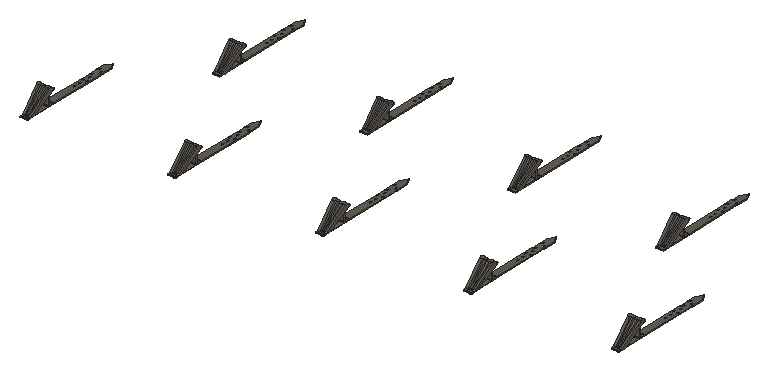
Revit family "Construction_Roof-Accessories_Alpine-SnowGuards_Fusion_Guard", category Specialty Equipment, host Face, Revit 2019
Family settings
  Host = Face
  Round Connector Dimension = Use Diameter
  Part Type = Normal
  OmniClass Number = 23.35.20.31.27.14
  OmniClass Title = Snow Guards
  Cut with Voids When Loaded = No
  Shared = No
  Room Calculation Point = No
Parameters (values of type "2x2 Pattern – Two Row")
  z_Option3 = Row Options : Three Rows
  z_Option2 = Row Options : Two Rows
  z_Option1 = Row Options : One Row
  Z_Two Row First Pad [instance] = and(not(or(Z_Three Rows, Z_Two Rows, Z_Custom Row, Z_CR)), or(Z_Length = Z_Horizontal Spacing / 2, Z_Length > Z_Horizontal Spacing / 2))  # no
  Z_Three Rows [instance] = and((Length > 2 * Z_Horizontal Spacing), Number of Rows = z_Option3)  # no
  Z_Three Row Second Pad [instance] = and(not(or(Z_Three Rows, Z_Two Rows, Z_Custom Row, Number of Rows = z_Option2, Z_CR)), Z_Length > Z_Horizontal Spacing)  # no
  Z_Three Row First Pad [instance] = not(or(Z_Three Rows, Z_Two Rows, Z_Custom Row, Number of Rows = z_Option2, Z_CR))  # no
  Z_Second Row Number [instance] = Z_Number of Pads Control - 1  # 4
  Z_Second Row [instance] = Z_Horizontal Spacing / 2  # 12"
  Z_Length [instance] = if(Length < Z_Horizontal Spacing / 2, Z_Horizontal Spacing / 2, Length)  # 100"
  Z_Custom Row Second Pad [instance] = and(not(or(Z_Three Rows, Z_Two Rows, Z_Custom Row)), Z_Length > Z_Horizontal Spacing)  # no
  Z_Custom Row First Pad [instance] = not(or(Z_Three Rows, Z_Two Rows))  # no
  Z_Horizontal Spacing = if(Horizontal Spacing = 0", 24", Horizontal Spacing)  # 24"
  Z_Distance between Pads [instance] = Length / (Z_Number of Pads Control - 1)  # 25"
  Z_Custom Row [instance] = and((Length > 2 * Z_Horizontal Spacing), or(Number of Rows = z_Option1, Number of Rows = z_Option2, Number of Rows = z_Option3))  # yes
  Z_Vertical Spacing = if(Vertical Spacing = 0", 12", Vertical Spacing)  # 24"
  Z_CR = no
  Vertical Spacing = 24"
  URL = "https://www.alpinesnowguards.com/model/fusion-guard?utm_source=bimobject&utm_medium=productlisting&utm_campaign=2022marketing"
  Z_Two Rows [instance] = and((Length > 2 * Z_Horizontal Spacing), or(Number of Rows = z_Option2, Number of Rows = z_Option3))  # yes
  Surface Offset [instance] = 0"
  Standard Layouts [instance] = "Standard layouts are shown. Custom layouts are available, please contact Alpine Snow Guard to discuss."  # constant formula
  Snow Guard Count [instance] = if(and(Number of Rows = z_Option1, and(Length > 24", Length < 49")), 2, if(and(Number of Rows = z_Option1, or(Length = 0", Length < 25")), 1, if(and(Number of Rows = z_Option2, or(Length = 0", Length < 25")), 2, if(and(Number of Rows = z_Option3, and(Length > 24", Length < 49")), 5, if(Z_Three Rows, 2 * Z_Number of Pads Control + Z_Second Row Number, if(Z_Two Rows, Z_Number of Pads Control + Z_Second Row Number, Z_Number of Pads Control))))))  # 9
  Product data url = "https://www.bimobject.com/en-us/alpine-snowguards/product/fusion_guard_hybrid_pad_style_snow_guard"
  Product Material = Alpine SnowGuards - Aluminium - Dark Bronze
  Product Guid = "91c0db8d-3730-4752-8a72-329d3fe6497f"
  Z_Number of Pads Control [instance] = if((Z_Length / Z_Horizontal Spacing + 1) < 3, 3, rounddown(Z_Length / Z_Horizontal Spacing + 1))  # 5
  Number of Rows = Row Options : Two Rows
  Length Note [instance] = "To show a single SnowGuard in the Row, please set Length to 0"  # constant formula
  Model = "FUSION-GUARD"  # constant formula
  Manufacturer = "Alpine SnowGuards"  # constant formula
  Rods = no
  Length [instance] = 100"
  Keynote = "07720"
  IMPORTANT [instance] = "All layouts begin with a 3-row pattern."  # constant formula
  Horizontal Spacing = 24"
  Edition number = 1
  Description = "Fusion Guard pad-style snow guard."  # constant formula
  Default Elevation = 48"
  Assembly Code = "B3010"
Types (6): name | Z_Three Rows | Z_Second Row Number | Z_Second Row | Z_Custom Row First Pad | Z_Horizontal Spacing | Z_Distance between Pads | Z_Vertical Spacing | Z_CR | Vertical Spacing | Z_Two Rows | Snow Guard Count | Z_Number of Pads Control | Number of Rows | Rods | Horizontal Spacing | Default Elevation
  (no name) | no | 4 | 12" | no | 24" | 25" | 24" | no | 24" | yes | 9 | 5 | Row Options : Two Rows | no | 24" | 48"
  3-Row Pattern | yes | 4 | 12" | no | 24" | 25" | 12" | no | 12" | yes | 14 | 5 | Row Options : Three Rows | yes | 24" | 24"
  2x4 Pattern – Two Row | no | 2 | 24" | no | 48" | 50" | 24" | no | 24" | yes | 5 | 3 | Row Options : Two Rows | no | 48" | 48"
  2x3 Pattern – Two Row | no | 2 | 18" | no | 36" | 50" | 24" | no | 24" | yes | 5 | 3 | Row Options : Two Rows | no | 36" | 48"
  2x2 Pattern – Two Row | no | 4 | 12" | no | 24" | 25" | 24" | no | 24" | yes | 9 | 5 | Row Options : Two Rows | no | 24" | 48"
  Custom – Single Row | no | 4 | 12" | yes | 24" | 25" | 12" | yes | 0" | no | 5 | 5 | Row Options : One Row | no | 24" | 48"
Reference planes (in)
  plane 1 "Center (Front/Back)": y = 0
  plane 2: z = 0
  plane 3 "Center (Left/Right)": x = 0
  plane 4: y = 24
  plane 5: y = 48
  plane 6: x = 12
  plane 7: x = 24
  plane 8: x = 36
  plane 9: x = 100
Dimensions and locks (in)
  "Z_Vertical Spacing": plane 1 "Center (Front/Back)" to plane 4
  "Z_Vertical Spacing": plane 5 to plane 4
  "Z_Horizontal Spacing": plane 3 "Center (Left/Right)" to plane 7
  equal spacing: group 1, group 2, group 3, group 9, group 10  (x3)
  equal spacing: group 4, group 5, group 6, group 11, group 12  (x3)
  "Z_Horizontal Spacing": plane 6 to plane 8
  equal spacing: group 7, group 8, group 13, group 14  (x3)
  equal spacing: plane 3 "Center (Left/Right)", plane 6, plane 7
  "Z_Length": plane 3 "Center (Left/Right)" to plane 9
  aligned and locked: host face to plane 2
  aligned and locked: host face to level
  aligned and locked: plane 1 "Center (Front/Back)" to nested 1
  aligned and locked: plane 3 "Center (Left/Right)" to nested 1
  aligned and locked: plane 6 to nested 2
  aligned and locked: nested 2 to plane 4
  aligned and locked: plane 3 "Center (Left/Right)" to nested 3
  aligned and locked: nested 3 to plane 5
  aligned and locked: plane 7 to nested 4
  aligned and locked: plane 7 to nested 6
  aligned and locked: plane 8 to nested 8
  aligned and locked: nested 6 to plane 5
  aligned and locked: nested 8 to plane 4
  aligned and locked: plane 1 "Center (Front/Back)" to nested 9
  aligned and locked: plane 3 "Center (Left/Right)" to nested 9
  aligned and locked: plane 3 "Center (Left/Right)" to nested 11
  aligned and locked: plane 1 "Center (Front/Back)" to nested 11
  aligned and locked: plane 7 to nested 10
  aligned and locked: plane 1 "Center (Front/Back)" to nested 10
  aligned and locked: plane 6 to nested 12
  aligned and locked: nested 12 to plane 4
  aligned and locked: nested 13 to plane 5
  aligned and locked: nested 14 to plane 5
  aligned and locked: plane 3 "Center (Left/Right)" to nested 13
  aligned and locked: plane 7 to nested 14
Automatic sketch dimensions
  host sketch curve to host sketch curve = 167.34463"
  host sketch curve to host sketch curve = 121.14631"
Nested families (in)
  nested 1: "Construction_Roof-Accessories_Alpine-SnowGuards_Pad-Fusion-Guard-Hybrid" at (0, 0, 0), Product Material <- "Product Material", With Rod <- "Rods", Surface Offset <- "Surface Offset", visible <- "Z_Custom Row", type "Construction_Roof-Accessories_Alpine-SnowGuards_Pad-Fusion-Guard-Hybrid"
    with With Rod no, Surface Offset 0", Strap Length 13 3/8", Product Material Alpine SnowGuards - Aluminium - Dark Bronze
  nested 2: "Construction_Roof-Accessories_Alpine-SnowGuards_Pad-Fusion-Guard-Hybrid" at (12, 24, 0), Product Material <- "Product Material", visible <- "Z_Two Rows", With Rod <- "Rods", Surface Offset <- "Surface Offset", type "Construction_Roof-Accessories_Alpine-SnowGuards_Pad-Fusion-Guard-Hybrid"
    with With Rod no, Surface Offset 0", Strap Length 13 3/8", Product Material Alpine SnowGuards - Aluminium - Dark Bronze
  nested 3: "Construction_Roof-Accessories_Alpine-SnowGuards_Pad-Fusion-Guard-Hybrid" at (0, 48, 0), Product Material <- "Product Material", visible <- "Z_Three Rows", With Rod <- "Rods", Surface Offset <- "Surface Offset", type "Construction_Roof-Accessories_Alpine-SnowGuards_Pad-Fusion-Guard-Hybrid"
    with With Rod no, Surface Offset 0", Strap Length 13 3/8", Product Material Alpine SnowGuards - Aluminium - Dark Bronze
  nested 4: "Construction_Roof-Accessories_Alpine-SnowGuards_Pad-Fusion-Guard-Hybrid" at (24, 0, 0), Product Material <- "Product Material", With Rod <- "Rods", Surface Offset <- "Surface Offset", visible <- "Z_Custom Row", type "Construction_Roof-Accessories_Alpine-SnowGuards_Pad-Fusion-Guard-Hybrid"
    with With Rod no, Surface Offset 0", Strap Length 13 3/8", Product Material Alpine SnowGuards - Aluminium - Dark Bronze
  nested 5: "Construction_Roof-Accessories_Alpine-SnowGuards_Pad-Fusion-Guard-Hybrid" at (48, 0, 0), Product Material <- "Product Material", With Rod <- "Rods", Surface Offset <- "Surface Offset", visible <- "Z_Custom Row", type "Construction_Roof-Accessories_Alpine-SnowGuards_Pad-Fusion-Guard-Hybrid"
    with With Rod no, Surface Offset 0", Strap Length 13 3/8", Product Material Alpine SnowGuards - Aluminium - Dark Bronze
  nested 6: "Construction_Roof-Accessories_Alpine-SnowGuards_Pad-Fusion-Guard-Hybrid" at (24, 48, 0), Product Material <- "Product Material", visible <- "Z_Three Rows", With Rod <- "Rods", Surface Offset <- "Surface Offset", type "Construction_Roof-Accessories_Alpine-SnowGuards_Pad-Fusion-Guard-Hybrid"
    with With Rod no, Surface Offset 0", Strap Length 13 3/8", Product Material Alpine SnowGuards - Aluminium - Dark Bronze
  nested 7: "Construction_Roof-Accessories_Alpine-SnowGuards_Pad-Fusion-Guard-Hybrid" at (48, 48, 0), Product Material <- "Product Material", visible <- "Z_Three Rows", With Rod <- "Rods", Surface Offset <- "Surface Offset", type "Construction_Roof-Accessories_Alpine-SnowGuards_Pad-Fusion-Guard-Hybrid"
    with With Rod no, Surface Offset 0", Strap Length 13 3/8", Product Material Alpine SnowGuards - Aluminium - Dark Bronze
  nested 8: "Construction_Roof-Accessories_Alpine-SnowGuards_Pad-Fusion-Guard-Hybrid" at (36, 24, 0), Product Material <- "Product Material", visible <- "Z_Two Rows", With Rod <- "Rods", Surface Offset <- "Surface Offset", type "Construction_Roof-Accessories_Alpine-SnowGuards_Pad-Fusion-Guard-Hybrid"
    with With Rod no, Surface Offset 0", Strap Length 13 3/8", Product Material Alpine SnowGuards - Aluminium - Dark Bronze
  nested 9: "Construction_Roof-Accessories_Alpine-SnowGuards_Pad-Fusion-Guard-Hybrid" at (0, 0, 0), Product Material <- "Product Material", Surface Offset <- "Surface Offset", type "Construction_Roof-Accessories_Alpine-SnowGuards_Pad-Fusion-Guard-Hybrid", not visible
    with With Rod no, Surface Offset 0", Strap Length 13 3/8", Product Material Alpine SnowGuards - Aluminium - Dark Bronze
  nested 10: "Construction_Roof-Accessories_Alpine-SnowGuards_Pad-Fusion-Guard-Hybrid" at (24, 0, 0), Surface Offset <- "Surface Offset", Product Material <- "Product Material", visible <- "Z_Custom Row Second Pad", type "Construction_Roof-Accessories_Alpine-SnowGuards_Pad-Fusion-Guard-Hybrid"
    with With Rod yes, Surface Offset 0", Strap Length 13 3/8", Product Material Alpine SnowGuards - Aluminium - Dark Bronze
  nested 11: "Construction_Roof-Accessories_Alpine-SnowGuards_Pad-Fusion-Guard-Hybrid" at (0, 0, 0), Surface Offset <- "Surface Offset", Product Material <- "Product Material", visible <- "Z_Custom Row First Pad", type "Construction_Roof-Accessories_Alpine-SnowGuards_Pad-Fusion-Guard-Hybrid"
    with With Rod yes, Surface Offset 0", Strap Length 13 3/8", Product Material Alpine SnowGuards - Aluminium - Dark Bronze
  nested 12: "Construction_Roof-Accessories_Alpine-SnowGuards_Pad-Fusion-Guard-Hybrid" at (12, 24, 0), Surface Offset <- "Surface Offset", Product Material <- "Product Material", visible <- "Z_Two Row First Pad", type "Construction_Roof-Accessories_Alpine-SnowGuards_Pad-Fusion-Guard-Hybrid"
    with With Rod yes, Surface Offset 0", Strap Length 13 3/8", Product Material Alpine SnowGuards - Aluminium - Dark Bronze
  nested 13: "Construction_Roof-Accessories_Alpine-SnowGuards_Pad-Fusion-Guard-Hybrid" at (0, 48, 0), Surface Offset <- "Surface Offset", Product Material <- "Product Material", visible <- "Z_Three Row First Pad", type "Construction_Roof-Accessories_Alpine-SnowGuards_Pad-Fusion-Guard-Hybrid"
    with With Rod yes, Surface Offset 0", Strap Length 13 3/8", Product Material Alpine SnowGuards - Aluminium - Dark Bronze
  nested 14: "Construction_Roof-Accessories_Alpine-SnowGuards_Pad-Fusion-Guard-Hybrid" at (24, 48, 0), Surface Offset <- "Surface Offset", Product Material <- "Product Material", visible <- "Z_Three Row Second Pad", type "Construction_Roof-Accessories_Alpine-SnowGuards_Pad-Fusion-Guard-Hybrid"
    with With Rod yes, Surface Offset 0", Strap Length 13 3/8", Product Material Alpine SnowGuards - Aluminium - Dark Bronze
  nested 15: "Construction_Roof-Accessories_Alpine-SnowGuards_Pad-Fusion-Guard-Hybrid" at (72, 0, 0), Product Material <- "Product Material", With Rod <- "Rods", Surface Offset <- "Surface Offset", visible <- "Z_Custom Row", type "Construction_Roof-Accessories_Alpine-SnowGuards_Pad-Fusion-Guard-Hybrid"
    with With Rod no, Surface Offset 0", Strap Length 13 3/8", Product Material Alpine SnowGuards - Aluminium - Dark Bronze
  nested 16: "Construction_Roof-Accessories_Alpine-SnowGuards_Pad-Fusion-Guard-Hybrid" at (96, 0, 0), Product Material <- "Product Material", With Rod <- "Rods", Surface Offset <- "Surface Offset", visible <- "Z_Custom Row", type "Construction_Roof-Accessories_Alpine-SnowGuards_Pad-Fusion-Guard-Hybrid"
    with With Rod no, Surface Offset 0", Strap Length 13 3/8", Product Material Alpine SnowGuards - Aluminium - Dark Bronze
  nested 17: "Construction_Roof-Accessories_Alpine-SnowGuards_Pad-Fusion-Guard-Hybrid" at (72, 48, 0), Product Material <- "Product Material", visible <- "Z_Three Rows", With Rod <- "Rods", Surface Offset <- "Surface Offset", type "Construction_Roof-Accessories_Alpine-SnowGuards_Pad-Fusion-Guard-Hybrid"
    with With Rod no, Surface Offset 0", Strap Length 13 3/8", Product Material Alpine SnowGuards - Aluminium - Dark Bronze
  nested 18: "Construction_Roof-Accessories_Alpine-SnowGuards_Pad-Fusion-Guard-Hybrid" at (96, 48, 0), Product Material <- "Product Material", visible <- "Z_Three Rows", With Rod <- "Rods", Surface Offset <- "Surface Offset", type "Construction_Roof-Accessories_Alpine-SnowGuards_Pad-Fusion-Guard-Hybrid"
    with With Rod no, Surface Offset 0", Strap Length 13 3/8", Product Material Alpine SnowGuards - Aluminium - Dark Bronze
  nested 19: "Construction_Roof-Accessories_Alpine-SnowGuards_Pad-Fusion-Guard-Hybrid" at (60, 24, 0), Product Material <- "Product Material", visible <- "Z_Two Rows", With Rod <- "Rods", Surface Offset <- "Surface Offset", type "Construction_Roof-Accessories_Alpine-SnowGuards_Pad-Fusion-Guard-Hybrid"
    with With Rod no, Surface Offset 0", Strap Length 13 3/8", Product Material Alpine SnowGuards - Aluminium - Dark Bronze
  nested 20: "Construction_Roof-Accessories_Alpine-SnowGuards_Pad-Fusion-Guard-Hybrid" at (84, 24, 0), Product Material <- "Product Material", visible <- "Z_Two Rows", With Rod <- "Rods", Surface Offset <- "Surface Offset", type "Construction_Roof-Accessories_Alpine-SnowGuards_Pad-Fusion-Guard-Hybrid"
    with With Rod no, Surface Offset 0", Strap Length 13 3/8", Product Material Alpine SnowGuards - Aluminium - Dark Bronze
Definition of nested family "Construction_Roof-Accessories_Alpine-SnowGuards_Pad-Fusion-Guard-Hybrid"
  Parameters (values of type "Construction_Roof-Accessories_Alpine-SnowGuards_Pad-Fusion-Guard-Hybrid")
    Surface Offset [instance] = 0"
    Strap Length [instance] = 13 3/8"
    With Rod [instance] = yes
    Product Material [instance] = none
  Reference planes (in)
    plane 1 "Center (Front/Back)": y = 0
    plane 2: z = 0
    plane 3 "Center (Left/Right)": x = 0
    plane 4: x = -0.625
    plane 5: x = 0.625
    plane 6: y = -5.25
    plane 7: z = 3
    plane 8: z = 0.875
    plane 9: z = 1.6875
    plane 10: y = 12.75
    plane 11: y = -0.625
    plane 12: z = 0
    plane 13: z = 0.125
  Forms (in)
    Extrusion 1, solid, material <- "Product Material"
      sketch origin (0, -5.25, 0) x (-1, 0, 0) y (0, -1, 0)
        loop
          line (-0.625, -5.25) -> (-0.625, -14.77233) -> (-0.24548, -15.11605)
          arc (-0.24548, -15.11605) -> (-0.24548, -15.24899) -> (-0.37842, -15.24899) r 0.094
          line (-0.37842, -15.24899) -> (-0.625, -15.0024) -> (-0.625, -16.91738) -> (0.00005, -18) -> (0.625, -16.91755) -> (0.625, -15.56999) -> (0.37852, -15.81647)
          arc (0.37852, -15.81647) -> (0.24558, -15.81647) -> (0.24558, -15.68353) r 0.094
          line (0.24558, -15.68353) -> (0.625, -15.30411) -> (0.625, -14.06999) -> (0.37852, -14.31647)
          arc (0.37852, -14.31647) -> (0.24558, -14.31647) -> (0.24558, -14.18353) r 0.094
          line (0.24558, -14.18353) -> (0.625, -13.80411) -> (0.625, -5.25) -> (-0.625, -5.25)
        loop
          circle (0.00005, -13.30406) r 0.125
        loop
          circle (-0.37495, -12.30406) r 0.125
        loop
          circle (0.37505, -12.30406) r 0.125
        loop
          circle (0.00005, -11.30406) r 0.125
        loop
          circle (0.00005, -10.30406) r 0.125
      from 0.125 to 0
    Extrusion 2, solid, material <- "Product Material", detail levels fine
      sketch origin (0, -5.25, 0) x (0, -1, 0) y (0, 0, 1)
        loop
          line (-5.25, 0.12) -> (-5.25, 0.0625) -> (-4.28182, 0.0625)
          arc (-4.28182, 0.0625) -> (-4.1873, 0.11731) -> (-4.15, 0.22) r 0.16
          line (-4.15, 0.22) -> (-4.15, 2.38093) -> (-4.20864, 2.38093) -> (-4.20864, 0.21682)
          arc (-4.20864, 0.21682) -> (-4.24573, 0.14156) -> (-4.32683, 0.12) r 0.10141
          line (-4.32683, 0.12) -> (-5.25, 0.12)
      from -0.625 to 0.625
    Extrusion 3, solid, material <- "Product Material", detail levels fine
      sketch origin (6, -5.25, 0.0625) x (-1, 0, 0) y (0, -1, 0)
        loop
          line (5.375, 0) -> (4.84232, -4.4347)
          arc (4.84232, -4.4347) -> (4.84086, -4.5526) -> (4.86925, -4.66704) r 0.46248
          arc (4.86925, -4.66704) -> (6, -4.15) -> (7.13075, -4.66704) r 1.49496
          arc (7.13075, -4.66704) -> (7.15857, -4.55736) -> (7.15892, -4.4442) r 0.46248
          line (7.15892, -4.4442) -> (6.6251, 0) -> (5.375, 0)
      from 0 to 3
    Extrusion 4, void
      sketch origin (0, -5.25, 0.0625) x (0, -1, 0) y (0, 0, 1)
        loop
          line (-0.82661, -0.0625) -> (-4.75, 2.68469) -> (-4.75, -0.0625) -> (-0.82661, -0.0625)
      from -1.96442 to 1.58143
    Extrusion 5, solid, material <- "Product Material", visible <- "With Rod"
      sketch origin (0, 0, 0) x (0, 1, 0) y (0, 0, 1)
        loop
          arc (-0.77698, 2.15063) -> (-0.58664, 1.9603) -> (-0.77698, 1.76997) r 0.19033
          line (-0.77698, 1.76997) -> (-1.04136, 1.76997) -> (-1.04136, 1.31567) -> (-0.77698, 1.31567)
          arc (-0.77698, 1.31567) -> (-0.58664, 1.12533) -> (-0.77698, 0.935) r 0.19033
          line (-0.77698, 0.935) -> (-1.04136, 0.935) -> (-1.04136, 0.76301) -> (-0.97253, 0.76301) -> (-0.97253, 0.87503) -> (-0.78047, 0.87503)
          arc (-0.78047, 0.87503) -> (-0.53017, 1.12533) -> (-0.78047, 1.37563) r 0.2503
          line (-0.78047, 1.37563) -> (-0.97254, 1.37563) -> (-0.97254, 1.71) -> (-0.78047, 1.71)
          arc (-0.78047, 1.71) -> (-0.53017, 1.9603) -> (-0.78047, 2.2106) r 0.2503
          line (-0.78047, 2.2106) -> (-0.97253, 2.2106) -> (-0.97253, 2.32262) -> (-1.04136, 2.32262) -> (-1.04136, 2.15063) -> (-0.77698, 2.15063)
      from -0.5 to 0.5
    Extrusion 6, solid, material <- "Product Material", detail levels fine
      sketch origin (0, 0, 0) x (0, 1, 0) y (0, 0, 1)
        loop
          line (-5.25, 0.0625) -> (-5.25, 0) -> (0, 0) -> (0, 0.0625) -> (-5.25, 0.0625)
      from -0.625 to 0.625
    Sweep 7, solid, material <- "Product Material", detail levels fine
      path origin (0, -1.22127, 1.45546) x (0, 1, 0) y (0, 0, 1)
        loop
          line (-4.64521, 0.19019) -> (-1.33166, 2.97059)
      profile origin (0, -4.20971, 3.03584) x (0, -0.642788, 0.766044) y (1, 0, 0)
        loop
          line (-1.89996, 0) -> (-1.89996, -0.06075)
          arc (-1.89996, -0.06075) -> (-1.83806, 0.00116) -> (-1.89996, 0.06306) r 0.06191
          line (-1.89996, 0.06306) -> (-1.89996, 0)
    Sweep 8, solid, material <- "Product Material", detail levels fine
      path origin (0.42106, 1.22127, 1.45674) x (0, -1, 0) y (0.139173, 0, 0.990268)
        loop
          line (7.08776, 0.19019) -> (3.7742, 2.97059)
      profile origin (0.64101, -4.20971, 3.02175) x (-0.106613, 0.642788, -0.758589) y (-0.990268, 0, 0.139173)
        loop
          line (1.89996, 0) -> (1.89996, 0.06306)
          arc (1.89996, 0.06306) -> (1.83806, 0.00116) -> (1.89996, -0.06075) r 0.06191
          line (1.89996, -0.06075) -> (1.89996, 0)
    Sweep 9, solid, material <- "Product Material", detail levels fine
      path origin (-0.42106, 1.22127, 1.45674) x (0, -1, 0) y (0.139173, 0, -0.990268)
        loop
          line (7.08776, -0.19019) -> (3.7742, -2.97059)
      profile origin (-0.64101, -4.20971, 3.02175) x (-0.106613, -0.642788, 0.758589) y (0.990268, 0, 0.139173)
        loop
          line (-1.89996, 0) -> (-1.89996, -0.06075)
          arc (-1.89996, -0.06075) -> (-1.83806, 0.00116) -> (-1.89996, 0.06306) r 0.06191
          line (-1.89996, 0.06306) -> (-1.89996, 0)
    Extrusion 10, solid, material <- "Product Material", detail levels coarse+medium
      sketch origin (0, 0, 0) x (0, 1, 0) y (0, 0, 1)
        loop
          line (-5.25, 0) -> (0, 0) -> (0, 0.0625) -> (0, 0.12) -> (-1.04136, 0.12) -> (-1.04136, 3.21418) -> (-4.64521, 0.19019)
          arc (-4.64521, 0.19019) -> (-4.73544, 0.13809) -> (-4.83804, 0.12) r 0.3
          line (-4.83804, 0.12) -> (-5.25, 0.12) -> (-5.25, 0.0625) -> (-5.25, 0)
      from -0.625 to 0.625
    Extrusion 11, void
      sketch origin (0, 0, 0) x (0, 1, 0) y (0, 0, 1)
        loop
          line (-5.25, 0.12) -> (-4.72885, 0.12) -> (-1.33166, 2.97059)
          arc (-1.33166, 2.97059) -> (-1.07447, 3.05168) -> (-0.83527, 2.92716) r 0.35234
          line (-0.83527, 2.92716) -> (-0.5, 2.5276) -> (-0.5, 3.30593) -> (-5.25, 3.30593) -> (-5.25, 0.12)
      from -1.58143 to 1.96442
  Cuts and joins
    Extrusion 4, Extrusion 11 cuts Extrusion 3
  Dimensions and locks (in)
    equal spacing: plane 5, plane 3 "Center (Left/Right)", plane 4
    locked: plane 5 to plane 4 at 1.25
    plane 1 "Center (Front/Back)" to plane 6 = 5 1/4"
    equal spacing: plane 4, plane 3 "Center (Left/Right)", plane 5
    plane 4 to plane 5 = 1 1/4"
    locked: plane 7 to level at 3
    locked: plane 8 to level at 0.875
    locked: plane 9 to level at 1.6875
    locked: plane 10 to plane 6 at 18
    locked: plane 1 "Center (Front/Back)" to plane 11 at 0.625
    "Strap Length": plane 10 to plane 11
    "Surface Offset": level to plane 12
    plane 12 to plane 13 = 1/8"
    level to Extrusion 2 sketch curve to Extrusion 2 sketch curve = 1/16" locked, 0.0575" locked
    locked: Extrusion 6 sketch curve to Extrusion 6 sketch curve at 0.0625
    locked: Extrusion 10 sketch curve to Extrusion 10 sketch curve at 0.12  (x2)
    locked: Extrusion 11 sketch curve to level at 0.12
    locked: Extrusion 11 sketch curve to Extrusion 11 sketch curve at 3.18593
    locked: Extrusion 11 sketch curve to Extrusion 11 sketch curve at 0.60525
    locked: Extrusion 11 sketch curve to Extrusion 11 sketch curve at 0.77833
    aligned and locked: level to plane 2
    aligned and locked: Extrusion 2 to plane 1 "Center (Front/Back)"
    aligned and locked: Extrusion 2 to plane 5
    aligned and locked: plane 5 to Extrusion 1 sketch curve
    aligned and locked: Extrusion 1 sketch curve to plane 4
    aligned and locked: Extrusion 1 sketch curve to plane 1 "Center (Front/Back)"
    aligned and locked: Extrusion 6 sketch curve to plane 6
    aligned and locked: Extrusion 6 sketch curve to plane 1 "Center (Front/Back)"
    aligned and locked: Extrusion 6 to plane 4
    aligned and locked: Extrusion 6 to plane 5
    aligned and locked: Extrusion 1 to plane 12
    aligned and locked: Extrusion 1 to plane 13
    aligned and locked: level to Extrusion 6 sketch curve
    aligned and locked: level to Extrusion 4 sketch curve
    aligned and locked: plane 1 "Center (Front/Back)" to Extrusion 10 sketch curve  (x2)
    aligned and locked: level to Extrusion 10 sketch curve
    aligned and locked: plane 6 to Extrusion 10 sketch curve  (x2)
    aligned and locked: Extrusion 10 to plane 4
    aligned and locked: Extrusion 10 to plane 5
  Automatic sketch dimensions
    Extrusion 1 sketch curve to plane 5 = 0"
    plane 10 to Extrusion 1 sketch curve = 0"
    Extrusion 1 sketch curve to plane 4 = 0"  (x2)
    plane 5 to Extrusion 1 sketch curve = 0.24658"
    plane 5 to Extrusion 1 sketch curve = 0.25005"
    Extrusion 1 sketch curve to Extrusion 1 sketch curve = 0.06647"  (x9)
    Extrusion 1 sketch curve to plane 3 "Center (Left/Right)" = 0.00005"  (x4)
    Extrusion 1 sketch curve to plane 3 "Center (Left/Right)" = 0.24558"  (x2)
    plane 4 to Extrusion 1 sketch curve = 0.24995"
    plane 10 to Extrusion 1 sketch curve = 1.08245"
    plane 10 to Extrusion 1 sketch curve = 1.08262"
    Extrusion 1 sketch curve to Extrusion 1 sketch curve = 1.10109"
    Extrusion 1 sketch curve to Extrusion 1 sketch curve = 0.24648"  (x2)
    Extrusion 1 sketch curve to Extrusion 1 sketch curve = 0.26587"  (x2)
    Extrusion 1 sketch curve to Extrusion 1 sketch curve = 0.43455"
    Extrusion 1 sketch curve to Extrusion 1 sketch curve = 0.24658"
    Extrusion 1 sketch curve to Extrusion 1 sketch curve = 0.23007"
    Extrusion 1 sketch curve to Extrusion 1 sketch curve = 0.79958"
    Extrusion 1 sketch curve to Extrusion 1 sketch curve = 0.50005"
    Extrusion 1 sketch curve to Extrusion 1 sketch curve = 1"  (x3)
    Extrusion 1 sketch curve to Extrusion 1 sketch curve = 0"
    Extrusion 2 sketch curve to Extrusion 2 sketch curve = 0"  (x2)
    Extrusion 2 sketch curve to plane 1 "Center (Front/Back)" = 0"
    Extrusion 2 sketch curve to plane 11 = 0.29817"
    Extrusion 2 sketch curve to Extrusion 2 sketch curve = 0.01683"
    Extrusion 2 sketch curve to Extrusion 2 sketch curve = 0.045"
    Extrusion 2 sketch curve to plane 11 = 0.41636"
    Extrusion 2 sketch curve to Extrusion 2 sketch curve = 0.05864"
    Extrusion 2 sketch curve to plane 7 = 0.61907"
    Extrusion 3 sketch curve to plane 5 = 0"
    Extrusion 3 sketch curve to plane 3 "Center (Left/Right)" = 0"
    Extrusion 3 sketch curve to plane 6 = 0"
    Extrusion 3 sketch curve to plane 5 = 0.07474"
    Extrusion 3 sketch curve to plane 11 = 0.1903"
    Extrusion 3 sketch curve to Extrusion 3 sketch curve = 0.45794"
    Extrusion 3 sketch curve to plane 4 = 0.0001"
    Extrusion 3 sketch curve to plane 4 = 0.07474"
    Extrusion 3 sketch curve to plane 11 = 0.1808"
    Extrusion 3 sketch curve to Extrusion 3 sketch curve = 0.45918"
    Extrusion 3 sketch curve to plane 11 = 0.12564"  (x2)
    Extrusion 3 sketch curve to plane 1 "Center (Front/Back)" = 0.39496"
    plane 11 to Extrusion 3 sketch curve = 0.04204"
    plane 11 to Extrusion 4 sketch curve = 1/8"
    plane 6 to Extrusion 4 sketch curve = 0.82661"
    Extrusion 4 sketch curve to plane 7 = 0.25281"
    Extrusion 5 sketch curve to plane 11 = 0.41636"
    Extrusion 5 sketch curve to Extrusion 5 sketch curve = 0"  (x4)
    plane 8 to Extrusion 5 sketch curve = 0.06"
    plane 9 to Extrusion 5 sketch curve = 0.0225"
    Extrusion 5 sketch curve to Extrusion 5 sketch curve = 0.06882"
    Extrusion 5 sketch curve to Extrusion 5 sketch curve = 0.06883"  (x2)
    Extrusion 5 sketch curve to plane 11 = 0.15547"  (x2)
    plane 8 to Extrusion 5 sketch curve = 0.00003"
    Extrusion 5 sketch curve to Extrusion 5 sketch curve = 0.00349"  (x2)
    Extrusion 5 sketch curve to plane 8 = 0.11199"
    Extrusion 5 sketch curve to Extrusion 5 sketch curve = 0.19033"  (x2)
    Extrusion 5 sketch curve to Extrusion 5 sketch curve = 0.05997"
    Extrusion 5 sketch curve to Extrusion 5 sketch curve = 0.11202"
    Sweep 7 sketch curve to plane 3 "Center (Left/Right)" = 0"
    plane 3 "Center (Left/Right)" to Sweep 7 sketch curve = 0.06306"
    profile plane to Sweep 7 sketch curve = 1.89996"
    Sweep 7 sketch curve to plane 3 "Center (Left/Right)" = 0.06075"
    Sweep 8 sketch curve to plane 11 = 1.92793"
    Sweep 8 sketch curve to plane 6 = 0.61648"
    Sweep 8 sketch curve to Sweep 8 sketch curve = 2.7804"
    profile plane to Sweep 8 sketch curve = 0"
    profile plane to Sweep 8 sketch curve = 0.06306"
    Sweep 8 sketch curve to profile plane = 1.89996"
    Sweep 8 sketch curve to Sweep 8 sketch curve = 0.06075"
    Sweep 9 sketch curve to plane 11 = 1.92793"
    Sweep 9 sketch curve to plane 6 = 0.61648"
    Sweep 9 sketch curve to Sweep 9 sketch curve = 2.7804"
    profile plane to Sweep 9 sketch curve = 0"
    profile plane to Sweep 9 sketch curve = 0.06306"
    profile plane to Sweep 9 sketch curve = 1.89996"
    Sweep 9 sketch curve to profile plane = 0.06075"
    Extrusion 10 sketch curve to Extrusion 10 sketch curve = 0.0575"  (x2)
    Extrusion 10 sketch curve to Extrusion 10 sketch curve = 0.41196"
    level to Extrusion 10 sketch curve = 0.19019"
    Extrusion 10 sketch curve to Extrusion 10 sketch curve = 0.19284"
    Extrusion 10 sketch curve to plane 11 = 0.41636"
    plane 7 to Extrusion 10 sketch curve = 0.21418"
    Extrusion 11 sketch curve to plane 6 = 0"
    Extrusion 11 sketch curve to plane 7 = 0.02941"
    Extrusion 11 sketch curve to plane 11 = 0.70666"
    Extrusion 11 sketch curve to Extrusion 11 sketch curve = 0.22648"
    Extrusion 11 sketch curve to plane 7 = 0.07284"
    plane 11 to Extrusion 11 sketch curve = 1/8"
    Extrusion 11 sketch curve to Extrusion 11 sketch curve = 0.52115"
    radius of Extrusion 1 sketch curve = 1/8"  (x5)
